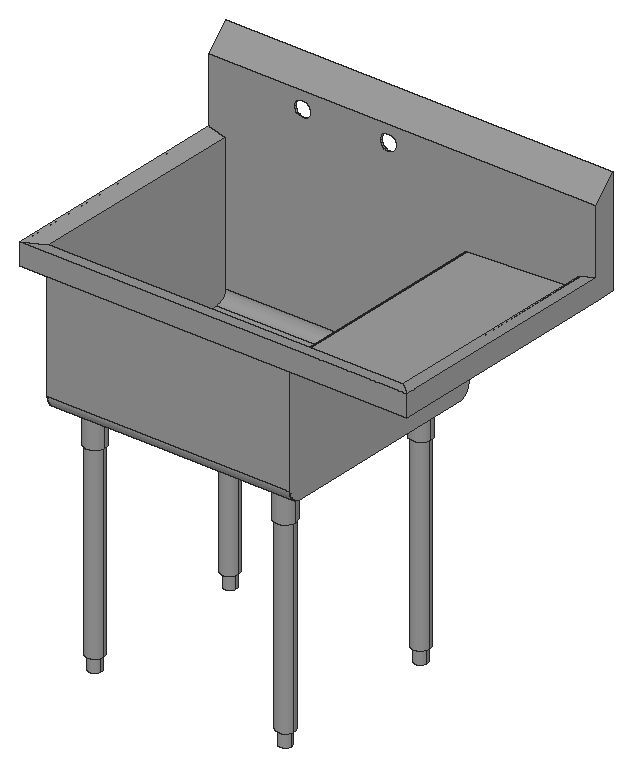
Revit family "equip-sink-elkay-Sturdibilt-S-DB-R", category Plumbing Fixtures, Revit 2019
Family settings
  Round Connector Dimension = Use Diameter
  Part Type = Normal
  Work Plane-Based = No
  Always vertical = Yes
  Cut with Voids When Loaded = No
  Shared = No
  Room Calculation Point = No
Parameters (values of type "ByType")
  Width = 2' - 0"
  URL = "http://www.elkayusa.com/cps/rde/xchg/elkay/hs.xsl/Default.aspx"
  Specification URL = "http://www.elkayusa.com/cps/rde/xbcr/elkay/04-02E_STURDIBILT_SCULLERY_SINGLE.pdf "
  Model Number = " "
  Model = "Sturdibilt"
  Manufacturer = "Elkay Manufacturer"
  Length = 3' - 0"
  Hidden Width = if(Compartment Width > 0' 11", Width, (Backsplash Width + Sink Rim Front Width + Compartment Width))  # 2' - 0"
  Sink Rim Side Right Width = 0' - 1 1/2"  # constant formula
  Sink Material = Metal - Steel - Stainless - Chrome
  Sink Rim Side Left Width = 0' - 1 1/2"  # constant formula
  Hidden Drainboard Right = if(Drainboard Right > 0' 2", Drainboard Right, 0' 2")  # 1' - 0"
  Hidden Compartment Width = Width - Sink Rim Front Width - Backsplash Width  # 1' - 8 1/2"
  Hidden Compartment Length = Length - Drainboard Right  # 2' - 0"
  Description = "Sturdibilt Single Compartment Scullery Sinks, Right Drainboard"
  Compartment Length = if(Hidden Compartment Length > 0' 8 1/2", Hidden Compartment Length, 0' 8 1/2")  # 2' - 0"
  Hidden Length = if(Compartment Length > 0' 8 1/2", Length, (Drainboard Right + Compartment Length))  # 3' - 0"
  Drainboard Right = 1' - 0"
  Sink Rim Front Width = 0' - 1 1/2"  # constant formula
  Backsplash Width = 0' - 2"  # constant formula
  Sink Drain Location = Compartment Width / 2  # 0' - 10 1/4"
  Compartment Depth = 1' - 2"
  Compartment Width = if(Hidden Compartment Width > 0' 11", Hidden Compartment Width, 0' 11")  # 1' - 8 1/2"
  Rim Height = 3' - 0"
  Hole 1 to 2 = 0' - 8"
  Hole 1 From CL = 0' - 4"
  Faucet CL from Top Backsplash = 0' - 3 1/2"
  Backsplash Height = 0' - 8"
Reference planes (in)
  plane 1 "CL Sink Hole": y = 0
  plane 2 "Bottom": z = 0
  plane 3 "Compartment Center": x = 0
  plane 4 "Basin Edge Left": x = -11.25
  plane 5 "Basin Edge Right": x = 11.25
  plane 6 "Basin Edge Back": y = 10.25
  plane 7 "Basin Edge Front": y = -10.25
  plane 8 "Left": x = -12.75
  plane 9 "Right": x = 23.25
  plane 10 "Back": y = 12.25
  plane 11 "Front": y = -11.75
  plane 12 "Sink Bowl Bottom (Top Face)": z = 22
  plane 13 "Sink Bowl Bottom (Bottom Face)": z = 21.875
  plane 14 "Sink Bottom Piece Back Edge": y = 9.25
  plane 15 "Sink Bottom Piece Front Edge": y = -9.25
  plane 16 "Center (Front/Back)": y = 0
  plane 17 "Sink Rim Top": z = 36
  plane 18 "Sink Bowl Bottom Radius Top Tangent": z = 23
  plane 19 "Sink Rim Inside Lower Edge": z = 35.59808
  plane 20: z = 44
  plane 21 "Backsplash Angle": z = 42
  plane 22 "Backsplash Side Piece Front": y = 10.375
  plane 23 "Backsplash Side Piece Top": z = 43.82322
  plane 24 "Backsplash Side Piece Angle": z = 41.94822
  plane 25 "Backsplash Side Piece Bottom": z = 34
  plane 26 "Backsplash Side Right Piece Inside Edge": x = 23.1875
  plane 27 "Backsplash Side Left Piece Inside Edge": x = -12.6875
  plane 28 "Basin Edge Right Outside Face": x = 11.3125
  plane 29 "Basin Edge Left Outside Face": x = -11.3125
  plane 30 "Faucet Hole CL Elev": z = 40.5
  plane 31 "CL Faucet Hole Left": x = -4
  plane 32 "CL Faucet Hole Right": x = 4
  plane 33 "Leg Left CL": x = -8.875
  plane 34 "Leg Front CL": y = -7.875
  plane 35: z = 18.825
  plane 36: z = 1.3125
  plane 37 "Leg Right CL": x = 8.875
  plane 38 "Leg Back CL": y = 7.875
  plane 39 "Sink Rim Inside Edge Right": x = 21.75
  plane 40 "Drainboard Lower Top Face": z = 34
  plane 41 "Drainboard Upper Top Face": z = 34.5
  plane 42 "Basin Edge Back Outside": y = 10.375
  plane 43 "Basin Edge Front Outside": y = -10.375
  plane 44 "Center (Left/Right)": x = 5.25
Forms (in)
  Sweep 1, solid, material "Metal - Steel - Stainless - Chrome" <- "Sink Material"
    path origin (0, 0, 36) x (0, -1, 0) y (1, 0, 0)
      loop
        line (11.75, 11.25) -> (11.75, -12.75) -> (-10.375, -12.75)
    profile "profile-weldbilt-rim : profile-weldbilt-rim" origin (-12.75, -0.6875, 36) x (-1, 0, 0) y (0, 0, 1)
      loop
        line (-1.5, -0.40192) -> (-1.41389, -0.45164) -> (-0.07031, -0.09163) -> (-0.07031, -1.94605) -> (-0.42259, -2.04044) -> (-0.42259, -2.11323) -> (0, -2) -> (0, 0) -> (-1.5, -0.40192)
  Extrusion 2, solid, material "Metal - Steel - Stainless - Chrome" <- "Sink Material"
    sketch origin (0, 0, 0) x (0, 1, 0) y (0, 0, 1)
      loop
        line (-10.375, 35.59808) -> (-10.375, 23)
        arc (-10.375, 23) -> (-10.0455, 22.2045) -> (-9.25, 21.875) r 1.125
        line (-9.25, 21.875) -> (9.25, 21.875)
        arc (9.25, 21.875) -> (10.0455, 22.2045) -> (10.375, 23) r 1.125
        line (10.375, 23) -> (10.375, 34) -> (10.25, 34) -> (10.25, 23)
        arc (10.25, 23) -> (9.95711, 22.29289) -> (9.25, 22) r 1
        line (9.25, 22) -> (-9.25, 22)
        arc (-9.25, 22) -> (-9.95711, 22.29289) -> (-10.25, 23) r 1
        line (-10.25, 23) -> (-10.25, 35.59808) -> (-10.375, 35.59808)
    from -11.25 to 11.25
  Extrusion 3, solid, material "Metal - Steel - Stainless - Chrome" <- "Sink Material"
    sketch origin (0, 0, 0) x (0, 1, 0) y (0, 0, 1)
      loop
        line (10.25, 42) -> (10.25, 34) -> (10.375, 34) -> (10.375, 41.94822) -> (12.25, 43.82322) -> (12.25, 44) -> (10.25, 42)
    from -12.75 to 23.25
  Extrusion 4, solid, material "Metal - Steel - Stainless - Chrome" <- "Sink Material"
    sketch origin (23.25, 0, 0) x (0, 1, 0) y (0, 0, 1)
      loop
        line (12.25, 43.82322) -> (10.375, 41.94822) -> (10.375, 34) -> (12.25, 34) -> (12.25, 43.82322)
    from -0.0625 to 0
  Extrusion 5, solid, material "Metal - Steel - Stainless - Chrome" <- "Sink Material"
    sketch origin (-18, 0, 0) x (0, 1, 0) y (0, 0, 1)
      loop
        line (12.25, 43.82322) -> (10.375, 41.94822) -> (10.375, 34) -> (12.25, 34) -> (12.25, 43.82322)
    from 5.25 to 5.3125
  Extrusion 6, solid, material "Metal - Steel - Stainless - Chrome" <- "Sink Material"
    sketch origin (11.25, 0, 0) x (0, 1, 0) y (0, 0, 1)
      loop
        line (-10.375, 34) -> (-10.375, 23)
        arc (-10.375, 23) -> (-10.0455, 22.2045) -> (-9.25, 21.875) r 1.125
        line (-9.25, 21.875) -> (9.25, 21.875)
        arc (9.25, 21.875) -> (10.0455, 22.2045) -> (10.375, 23) r 1.125
        line (10.375, 23) -> (10.375, 34) -> (-10.375, 34)
    from 0 to 0.0625
  Extrusion 7, solid, material "Metal - Steel - Stainless - Chrome" <- "Sink Material"
    sketch origin (-11.25, 0, 0) x (0, 1, 0) y (0, 0, 1)
      loop
        line (10.375, 35.59808) -> (-10.375, 35.59808) -> (-10.375, 23)
        arc (-10.375, 23) -> (-10.0455, 22.2045) -> (-9.25, 21.875) r 1.125
        line (-9.25, 21.875) -> (9.25, 21.875)
        arc (9.25, 21.875) -> (10.0455, 22.2045) -> (10.375, 23) r 1.125
        line (10.375, 23) -> (10.375, 35.59808)
    from -0.0625 to 0
  Extrusion 8, void
    sketch origin (0, 0, 0) x (1, 0, 0) y (0, 0, 1)
      loop
        circle (-4, 40.5) r 0.75
    from -10.375 to -10.25
  Extrusion 9, void
    sketch origin (0, 0, 0) x (1, 0, 0) y (0, 0, 1)
      loop
        circle (4, 40.5) r 0.75
    from -10.375 to -10.25
  Extrusion 10, void
    sketch origin (-45.27944, 78.60934, 0) x (1, 0, 0) y (0, 1, 0)
      loop
        circle (45.27944, -78.60934) r 2.375
    from 21.875 to 22
  Revolve 11, solid, material "Metal - Steel - Stainless - Chrome" <- "Sink Material"
    sketch origin (0, -7.875, 0) x (-1, 0, 0) y (0, 0, 1)
      loop
        line (9.6875, 18.825) -> (9.845, 18.825) -> (9.845, 21.875) -> (8.875, 21.875) -> (8.875, 0) -> (9.4375, 0) -> (9.4375, 1.3125) -> (9.6875, 1.3125) -> (9.6875, 18.825)
      axis (8.875, 21.875) -> (8.875, 0)
    angle from 0 to 360
  Revolve 12, solid, material "Metal - Steel - Stainless - Chrome" <- "Sink Material"
    sketch origin (0, -7.875, 0) x (-1, 0, 0) y (0, 0, 1)
      loop
        line (-9.6875, 18.825) -> (-9.6875, 1.3125) -> (-9.4375, 1.3125) -> (-9.4375, 0) -> (-8.875, 0) -> (-8.875, 21.875) -> (-9.845, 21.875) -> (-9.845, 18.825) -> (-9.6875, 18.825)
      axis (-8.875, 21.875) -> (-8.875, 0)
    angle from 0 to 360
  Revolve 13, solid, material "Metal - Steel - Stainless - Chrome" <- "Sink Material"
    sketch origin (0, 7.875, 0) x (-1, 0, 0) y (0, 0, 1)
      loop
        line (-9.6875, 18.825) -> (-9.6875, 1.3125) -> (-9.4375, 1.3125) -> (-9.4375, 0) -> (-8.875, 0) -> (-8.875, 21.875) -> (-9.845, 21.875) -> (-9.845, 18.825) -> (-9.6875, 18.825)
      axis (-8.875, 21.875) -> (-8.875, 0)
    angle from 0 to 360
  Revolve 14, solid, material "Metal - Steel - Stainless - Chrome" <- "Sink Material"
    sketch origin (0, 7.875, 0) x (-1, 0, 0) y (0, 0, 1)
      loop
        line (8.0625, 18.825) -> (8.0625, 1.3125) -> (8.3125, 1.3125) -> (8.3125, 0) -> (8.875, 0) -> (8.875, 21.875) -> (7.905, 21.875) -> (7.905, 18.825) -> (8.0625, 18.825)
      axis (8.875, 21.875) -> (8.875, 0)
    angle from 0 to 360
  Sweep 15, solid, material "Metal - Steel - Stainless - Chrome" <- "Sink Material"
    path origin (0, 0, 22) x (-1, 0, 0) y (0, -1, 0)
      loop
        circle (0, 0) r 2.375
    profile "profile-elkay-sink-hole-1 : profile-elkay-sink-hole-1" origin (0, -2.375, 22) x (0, 1, 0) y (0, 0, 1)
      loop
        arc (0.10775, -0.05529) -> (0.06053, -0.01467) -> (0, 0) r 0.133
        line (0, 0) -> (0, -0.07422)
        arc (0, -0.07422) -> (0.0267, -0.08072) -> (0.04752, -0.09865) r 0.05878
        line (0.04752, -0.09865) -> (0.12152, -0.20143) -> (0.5715, -0.40832) -> (0.5715, -0.32577) -> (0.16939, -0.14089) -> (0.10775, -0.05529)
  Extrusion 16, solid, material "Metal - Steel - Stainless - Chrome" <- "Sink Material"
    sketch origin (0, 0, 0) x (1, 0, 0) y (0, 0, 1)
      loop
        line (11.25, 34) -> (11.25, 33.9257) -> (21.75, 34.4257) -> (21.75, 34.5) -> (11.25, 34)
    from -10.25 to 10.25
  Sweep 17, solid, material "Metal - Steel - Stainless - Chrome" <- "Sink Material"
    path origin (0, 0, 36) x (0, -1, 0) y (1, 0, 0)
      loop
        line (11.75, 11.25) -> (11.75, 23.25) -> (-10.25, 23.25)
    profile "profile-weldbilt-rim-db : profile-weldbilt-rim-db" origin (17.25, -11.75, 36) x (0, 1, 0) y (0, 0, 1)
      loop
        line (1.5, -0.40192) -> (0, 0) -> (0, -2) -> (0.42259, -2.11323) -> (0.42259, -2.04044) -> (0.07031, -1.94605) -> (0.07031, -0.09163) -> (1.4375, -0.45797) -> (1.4375, -2) -> (1.5, -2) -> (1.5, -0.40192)
Cuts and joins
  Extrusion 10 cuts Extrusion 2
  Extrusion 8, Extrusion 9 cuts Extrusion 3
  Extrusion 10 cuts Extrusion 6
  joined: Sweep 1, Extrusion 2, Extrusion 3, Extrusion 4, Extrusion 5, Extrusion 6, Extrusion 7, Sweep 15, Sweep 17
Lines and regions (in)
  Masking region 1
    outline origin (0, 0, 0) x (1, 0, 0) y (0, 1, 0)
      loop
        line (-12.75, 12.25) -> (-12.75, -11.75) -> (23.25, -11.75) -> (23.25, 12.25) -> (-12.75, 12.25)
  reference lines
    curve 1: arc (0, -9.25, 22) -> (0, -9.95711, 22.29289) -> (0, -10.25, 23) r 1
    curve 2: arc (0, 10.25, 23) -> (0, 9.95711, 22.29289) -> (0, 9.25, 22) r 1
    curve 3: line (-8.875, -7.875, 21.875) -> (-8.875, -7.875, 0)
    curve 4: line (8.875, -7.875, 22) -> (8.875, -7.875, 0)
    curve 5: line (8.875, 7.875, 21.875) -> (8.875, 7.875, 0)
    curve 6: line (-8.875, 7.875, 21.875) -> (-8.875, 7.875, 0)
    curve 15: line (11.25, 0, 34) -> (21.75, 0, 34.5)
    curve 16: line (11.25165, 0, 33.92578) -> (21.75165, 0, 34.42578)
    curve 18: arc (0, -10.375, 23) -> (0, -10.0455, 22.2045) -> (0, -9.25, 21.875) r 1.125
    curve 19: arc (0, 10.375, 23) -> (0, 10.0455, 22.2045) -> (0, 9.25, 21.875) r 1.125
  symbolic lines
    curve 7: line (-12.75, 10.25, 0) -> (23.25, 10.25, 0)
    curve 8: line (-11.25, -10.25, 0) -> (-11.25, 10.25, 0)
    curve 9: line (21.75, -10.25, 0) -> (-11.25, -10.25, 0)
    curve 10: line (11.25, 10.25, 0) -> (11.25, -10.25, 0)
    curve 11: circle (0, 0, 0) r 2.375 normal (0, 0, 1)
    curve 12: line (-11.25, -10.25, 0) -> (-12.75, -11.75, 0)
    curve 13: line (23.25, -11.75, 0) -> (21.75, -10.25, 0)
    curve 14: circle (0, 0, 0) r 1.75 normal (0, 0, 1)
    curve 17: line (21.75, -10.25, 0) -> (21.75, 10.25, 0)
Dimensions and locks (in)
  equal spacing: plane 4 "Basin Edge Left", plane 3 "Compartment Center", plane 5 "Basin Edge Right"
  "Sink Rim Side Left Width": plane 8 "Left" to plane 4 "Basin Edge Left"
  "Hidden Drainboard Right": plane 5 "Basin Edge Right" to plane 9 "Right"
  "Hidden Length": plane 8 "Left" to plane 9 "Right"
  "Sink Drain Location": plane 6 "Basin Edge Back" to plane 1 "CL Sink Hole"
  "Backsplash Width": plane 10 "Back" to plane 6 "Basin Edge Back"
  "Sink Rim Front Width": plane 7 "Basin Edge Front" to plane 11 "Front"
  "Hidden Width": plane 10 "Back" to plane 11 "Front"
  locked: plane 15 "Sink Bottom Piece Front Edge" to plane 7 "Basin Edge Front" at 1
  locked: plane 6 "Basin Edge Back" to plane 14 "Sink Bottom Piece Back Edge" at 1
  plane 6 "Basin Edge Back" to plane 7 "Basin Edge Front" = 1' - 8 1/2"
  equal spacing: plane 6 "Basin Edge Back", plane 16 "Center (Front/Back)", plane 7 "Basin Edge Front"
  "Compartment Depth": plane 17 "Sink Rim Top" to plane 12 "Sink Bowl Bottom (Top Face)"
  "Rim Height": plane 17 "Sink Rim Top" to plane 2 "Bottom"
  locked: plane 18 "Sink Bowl Bottom Radius Top Tangent" to plane 12 "Sink Bowl Bottom (Top Face)" at 1
  locked: plane 17 "Sink Rim Top" to plane 19 "Sink Rim Inside Lower Edge" at 0.40192
  "Backsplash Height": plane 20 to plane 17 "Sink Rim Top"
  locked: plane 20 to plane 21 "Backsplash Angle" at 2
  locked: plane 20 to plane 23 "Backsplash Side Piece Top" at 0.17678
  locked: plane 6 "Basin Edge Back" to plane 22 "Backsplash Side Piece Front" at 0.125
  locked: plane 21 "Backsplash Angle" to plane 24 "Backsplash Side Piece Angle" at 0.05178
  locked: plane 26 "Backsplash Side Right Piece Inside Edge" to plane 9 "Right" at 0.0625
  locked: plane 8 "Left" to plane 27 "Backsplash Side Left Piece Inside Edge" at 0.0625
  locked: plane 5 "Basin Edge Right" to plane 28 "Basin Edge Right Outside Face" at 0.0625
  plane 29 "Basin Edge Left Outside Face" to plane 4 "Basin Edge Left" = 0' - 0 1/16"
  locked: plane 17 "Sink Rim Top" to plane 25 "Backsplash Side Piece Bottom" at 2
  locked: plane 34 "Leg Front CL" to plane 7 "Basin Edge Front" at 2.375
  locked: plane 4 "Basin Edge Left" to plane 33 "Leg Left CL" at 2.375
  "Hole 1 From CL": plane 31 "CL Faucet Hole Left" to plane 3 "Compartment Center"
  "Hole 1 to 2": plane 31 "CL Faucet Hole Left" to plane 32 "CL Faucet Hole Right"
  locked: plane 12 "Sink Bowl Bottom (Top Face)" to plane 13 "Sink Bowl Bottom (Bottom Face)" at 0.125
  locked: plane 12 "Sink Bowl Bottom (Top Face)" to plane 35 at 3.175
  locked: plane 36 to plane 2 "Bottom" at 1.3125
  "Faucet CL from Top Backsplash": plane 20 to plane 30 "Faucet Hole CL Elev"
  locked: plane 37 "Leg Right CL" to plane 5 "Basin Edge Right" at 2.375
  locked: plane 6 "Basin Edge Back" to plane 38 "Leg Back CL" at 2.375
  "Sink Rim Side Right Width": plane 39 "Sink Rim Inside Edge Right" to plane 9 "Right"
  locked: plane 17 "Sink Rim Top" to plane 41 "Drainboard Upper Top Face" at 1.5
  locked: plane 17 "Sink Rim Top" to plane 40 "Drainboard Lower Top Face" at 2
  locked: plane 6 "Basin Edge Back" to plane 42 "Basin Edge Back Outside" at 0.125
  locked: plane 43 "Basin Edge Front Outside" to plane 7 "Basin Edge Front" at 0.125
  equal spacing: plane 8 "Left", plane 44 "Center (Left/Right)", plane 9 "Right"
  locked: plane 10 "Back" to nested 1 at 1
  locked: nested 1 to plane 9 "Right" at 4
  aligned and locked: Extrusion 2 sketch curve to plane 6 "Basin Edge Back"
  aligned and locked: Extrusion 2 sketch curve to curve 2
  aligned and locked: Extrusion 2 sketch curve to curve 1
  aligned and locked: plane 5 "Basin Edge Right" to Extrusion 2
  aligned and locked: Extrusion 2 to plane 4 "Basin Edge Left"
  aligned and locked: Extrusion 2 sketch curve to plane 19 "Sink Rim Inside Lower Edge"
  aligned and locked: Extrusion 3 sketch curve to plane 10 "Back"
  aligned and locked: Extrusion 3 sketch curve to plane 6 "Basin Edge Back"
  aligned and locked: plane 9 "Right" to Extrusion 3
  aligned and locked: Extrusion 3 to plane 8 "Left"
  aligned and locked: plane 10 "Back" to Extrusion 4 sketch curve
  aligned and locked: Extrusion 4 sketch curve to plane 25 "Backsplash Side Piece Bottom"
  aligned and locked: Extrusion 4 sketch curve to plane 22 "Backsplash Side Piece Front"
  aligned and locked: Extrusion 4 to plane 26 "Backsplash Side Right Piece Inside Edge"
  aligned and locked: plane 9 "Right" to Extrusion 4
  aligned and locked: plane 22 "Backsplash Side Piece Front" to Sweep 1 sketch curve
  aligned and locked: Extrusion 5 sketch curve to plane 10 "Back"
  aligned and locked: plane 22 "Backsplash Side Piece Front" to Extrusion 5 sketch curve
  aligned and locked: plane 25 "Backsplash Side Piece Bottom" to Extrusion 5 sketch curve
  aligned and locked: plane 27 "Backsplash Side Left Piece Inside Edge" to Extrusion 5
  aligned and locked: Extrusion 5 to plane 8 "Left"
  aligned and locked: Extrusion 6 to plane 5 "Basin Edge Right"
  aligned and locked: plane 28 "Basin Edge Right Outside Face" to Extrusion 6
  aligned and locked: Extrusion 7 sketch curve to plane 19 "Sink Rim Inside Lower Edge"
  aligned and locked: Extrusion 7 to plane 29 "Basin Edge Left Outside Face"
  aligned and locked: plane 4 "Basin Edge Left" to Extrusion 7
  aligned and locked: plane 22 "Backsplash Side Piece Front" to Extrusion 9
  aligned and locked: Extrusion 9 to plane 6 "Basin Edge Back"
  aligned and locked: plane 22 "Backsplash Side Piece Front" to Extrusion 8
  aligned: Extrusion 8 to plane 14 "Sink Bottom Piece Back Edge"
  aligned and locked: Extrusion 8 to plane 6 "Basin Edge Back"
  aligned and locked: plane 12 "Sink Bowl Bottom (Top Face)" to Extrusion 10
  aligned and locked: Extrusion 10 to plane 13 "Sink Bowl Bottom (Bottom Face)"
  aligned and locked: Revolve 11 sketch curve to plane 13 "Sink Bowl Bottom (Bottom Face)"
  aligned and locked: Revolve 11 sketch curve to curve 3
  aligned and locked: curve 4 to plane 37 "Leg Right CL"
  aligned and locked: plane 12 "Sink Bowl Bottom (Top Face)" to curve 4
  aligned and locked: plane 2 "Bottom" to curve 4
  aligned and locked: Revolve 12 sketch curve to plane 36
  aligned and locked: Revolve 12 sketch curve to plane 35
  aligned and locked: plane 2 "Bottom" to Revolve 12 sketch curve  (x3)
  aligned and locked: plane 13 "Sink Bowl Bottom (Bottom Face)" to Revolve 12 sketch curve  (x2)
  aligned and locked: curve 4 to Revolve 12 sketch curve  (x2)
  aligned and locked: Revolve 13 sketch curve to plane 2 "Bottom"
  aligned and locked: plane 36 to Revolve 13 sketch curve
  aligned and locked: plane 35 to Revolve 13 sketch curve
  aligned and locked: Revolve 13 sketch curve to plane 13 "Sink Bowl Bottom (Bottom Face)"
  aligned and locked: plane 37 "Leg Right CL" to Revolve 13 sketch curve
  aligned and locked: Revolve 13 sketch curve to curve 5
  aligned and locked: Revolve 14 sketch curve to plane 2 "Bottom"
  aligned and locked: plane 36 to Revolve 14 sketch curve
  aligned and locked: plane 35 to Revolve 14 sketch curve
  aligned and locked: Revolve 14 sketch curve to plane 13 "Sink Bowl Bottom (Bottom Face)"
  aligned and locked: plane 33 "Leg Left CL" to Revolve 14 sketch curve
  aligned and locked: plane 2 "Bottom" to Revolve 14 sketch curve
  aligned and locked: Revolve 14 sketch curve to plane 33 "Leg Left CL"
  aligned and locked: Masking region 1 sketch curve to plane 10 "Back"
  aligned and locked: plane 8 "Left" to Masking region 1 sketch curve
  aligned and locked: Masking region 1 sketch curve to plane 9 "Right"
  aligned and locked: plane 11 "Front" to Masking region 1 sketch curve
  aligned and locked: cut or joined group of Sweep 1, Extrusion 2, Extrusion 3, Extrusion 4, Extrusion 5, Extrusion 6, Extrusion 7, Extrusion 8, Extrusion 9, Extrusion 10, Sweep 15, Sweep 17 to plane 5 "Basin Edge Right"
  aligned and locked: plane 7 "Basin Edge Front" to curve 9
  aligned and locked: plane 4 "Basin Edge Left" to curve 8
  aligned and locked: curve 7 to plane 6 "Basin Edge Back"
  aligned and locked: plane 8 "Left" to curve 7
  aligned and locked: plane 9 "Right" to curve 7
  aligned and locked: Extrusion 6 sketch curve to plane 40 "Drainboard Lower Top Face"
  aligned and locked: Extrusion 16 sketch curve to curve 15
  aligned and locked: plane 5 "Basin Edge Right" to Extrusion 16 sketch curve
  aligned and locked: Extrusion 16 sketch curve to plane 39 "Sink Rim Inside Edge Right"
  aligned and locked: Extrusion 16 sketch curve to curve 16
  aligned and locked: plane 6 "Basin Edge Back" to Extrusion 16
  aligned and locked: Extrusion 16 to plane 7 "Basin Edge Front"
  aligned and locked: Extrusion 2 sketch curve to plane 40 "Drainboard Lower Top Face"
  aligned and locked: Extrusion 3 sketch curve to plane 40 "Drainboard Lower Top Face"
  aligned and locked: plane 5 "Basin Edge Right" to Sweep 1 sketch curve
  aligned and locked: Sweep 17 sketch curve to plane 11 "Front"
  aligned and locked: plane 9 "Right" to Sweep 17 sketch curve
  aligned and locked: plane 5 "Basin Edge Right" to Sweep 17 sketch curve
  aligned and locked: plane 6 "Basin Edge Back" to Sweep 17 sketch curve
  aligned and locked: Extrusion 6 sketch curve to plane 43 "Basin Edge Front Outside"
  aligned and locked: Extrusion 6 sketch curve to curve 19
  aligned and locked: Extrusion 6 sketch curve to curve 18
  aligned and locked: Extrusion 7 sketch curve to plane 43 "Basin Edge Front Outside"
  aligned and locked: Extrusion 7 sketch curve to curve 18
  aligned and locked: Extrusion 7 sketch curve to curve 19
Automatic sketch dimensions
  Extrusion 2 sketch curve to Extrusion 2 sketch curve = 0' - 0"  (x4)
  Extrusion 2 sketch curve to plane 22 "Backsplash Side Piece Front" = 0' - 0"
  Extrusion 3 sketch curve to plane 22 "Backsplash Side Piece Front" = 0' - 0"
  Extrusion 3 sketch curve to plane 24 "Backsplash Side Piece Angle" = 0' - 0"
  Extrusion 3 sketch curve to plane 21 "Backsplash Angle" = 0' - 0"
  Extrusion 3 sketch curve to plane 23 "Backsplash Side Piece Top" = 0' - 0"
  Extrusion 3 sketch curve to plane 20 = 0' - 0"
  Extrusion 4 sketch curve to plane 24 "Backsplash Side Piece Angle" = 0' - 0"
  Extrusion 4 sketch curve to plane 23 "Backsplash Side Piece Top" = 0' - 0"
  Extrusion 5 sketch curve to plane 24 "Backsplash Side Piece Angle" = 0' - 0"
  Extrusion 5 sketch curve to plane 23 "Backsplash Side Piece Top" = 0' - 0"
  Extrusion 8 sketch curve to plane 30 "Faucet Hole CL Elev" = 0' - 0"
  Extrusion 8 sketch curve to plane 31 "CL Faucet Hole Left" = 0' - 0"
  Extrusion 9 sketch curve to plane 30 "Faucet Hole CL Elev" = 0' - 0"
  Extrusion 9 sketch curve to plane 32 "CL Faucet Hole Right" = 0' - 0"
  Extrusion 10 sketch curve to plane 1 "CL Sink Hole" = 0' - 0"
  plane 3 "Compartment Center" to Extrusion 10 sketch curve = 0' - 0"
  curve 3 to level = 0' - 0"
  curve 3 to plane 33 "Leg Left CL" = 0' - 0"
  curve 3 to plane 13 "Sink Bowl Bottom (Bottom Face)" = 0' - 0"
  Revolve 11 sketch curve to plane 33 "Leg Left CL" = 0' - 0"
  Revolve 11 sketch curve to level = 0' - 0"  (x2)
  Revolve 11 sketch curve to plane 36 = 0' - 0"
  Revolve 11 sketch curve to plane 35 = 0' - 0"
  Revolve 11 sketch curve to plane 13 "Sink Bowl Bottom (Bottom Face)" = 0' - 0"
  Revolve 11 sketch curve to Revolve 11 sketch curve = 0' - 0 9/16"
  Revolve 11 sketch curve to Revolve 11 sketch curve = 0' - 0 1/4"
  Revolve 11 sketch curve to Revolve 11 sketch curve = 0' - 0.1575"
  plane 37 "Leg Right CL" to Revolve 12 sketch curve = 0' - 0 9/16"
  plane 37 "Leg Right CL" to Revolve 12 sketch curve = 0' - 0 13/16"
  Revolve 12 sketch curve to Revolve 12 sketch curve = 0' - 0.1575"
  curve 5 to level = 0' - 0"
  curve 5 to plane 37 "Leg Right CL" = 0' - 0"
  curve 5 to plane 13 "Sink Bowl Bottom (Bottom Face)" = 0' - 0"
  Revolve 13 sketch curve to level = 0' - 0"
  Revolve 13 sketch curve to plane 13 "Sink Bowl Bottom (Bottom Face)" = 0' - 0"
  plane 37 "Leg Right CL" to Revolve 13 sketch curve = 0' - 0 9/16"
  Revolve 13 sketch curve to Revolve 13 sketch curve = 0' - 0 1/4"
  Revolve 13 sketch curve to Revolve 13 sketch curve = 0' - 0.97"
  Revolve 14 sketch curve to plane 13 "Sink Bowl Bottom (Bottom Face)" = 0' - 0"
  plane 33 "Leg Left CL" to Revolve 14 sketch curve = 0' - 0 9/16"
  Revolve 14 sketch curve to Revolve 14 sketch curve = 0' - 0 1/4"
  Revolve 14 sketch curve to Revolve 14 sketch curve = 0' - 0.97"
  curve 6 to level = 0' - 0"
  curve 6 to plane 33 "Leg Left CL" = 0' - 0"
  curve 6 to plane 13 "Sink Bowl Bottom (Bottom Face)" = 0' - 0"
  plane 1 "CL Sink Hole" to Sweep 15 sketch curve = 0' - 0"
  Sweep 15 sketch curve to plane 3 "Compartment Center" = 0' - 0"
  curve 15 to plane 39 "Sink Rim Inside Edge Right" = 0' - 0"
  curve 15 to plane 5 "Basin Edge Right" = 0' - 0"
  curve 15 to plane 25 "Backsplash Side Piece Bottom" = 0' - 0"
  curve 15 to plane 41 "Drainboard Upper Top Face" = 0' - 0"
  plane 39 "Sink Rim Inside Edge Right" to curve 16 = 0' - 0.00165"
  plane 5 "Basin Edge Right" to curve 16 = 0' - 0.00165"
  Sweep 1 sketch curve to plane 8 "Left" = 0' - 0"
  Sweep 1 sketch curve to plane 11 "Front" = 0' - 0"
  curve 11 to curve 14 = 0' - 0"  (x2)
  curve 12 to plane 8 "Left" = 0' - 0"
  plane 1 "CL Sink Hole" to curve 14 = 0' - 0"
  curve 14 to plane 3 "Compartment Center" = 0' - 0"
  curve 10 to plane 5 "Basin Edge Right" = 0' - 0"
  curve 17 to plane 39 "Sink Rim Inside Edge Right" = 0' - 0"
  curve 13 to plane 9 "Right" = 0' - 0"
  curve 13 to plane 11 "Front" = 0' - 0"
  curve 12 to plane 11 "Front" = 0' - 0"
  curve 1 to curve 18 = 0' - 0"  (x2)
  curve 2 to curve 19 = 0' - 0"  (x2)
  curve 18 to plane 18 "Sink Bowl Bottom Radius Top Tangent" = 0' - 0"
  curve 18 to plane 43 "Basin Edge Front Outside" = 0' - 0"
  curve 1 to plane 7 "Basin Edge Front" = 0' - 0"
  curve 18 to plane 13 "Sink Bowl Bottom (Bottom Face)" = 0' - 0"
  curve 19 to plane 13 "Sink Bowl Bottom (Bottom Face)" = 0' - 0"
  curve 19 to plane 14 "Sink Bottom Piece Back Edge" = 0' - 0"
  curve 2 to plane 6 "Basin Edge Back" = 0' - 0"
  curve 19 to plane 18 "Sink Bowl Bottom Radius Top Tangent" = 0' - 0"
  curve 16 to plane 25 "Backsplash Side Piece Bottom" = 0' - 0 19/256"
  curve 16 to plane 41 "Drainboard Upper Top Face" = 0' - 0 19/256"
  radius of Extrusion 8 sketch curve = 0' - 0 3/4"
  radius of Extrusion 9 sketch curve = 0' - 0 3/4"
  radius of Extrusion 10 sketch curve = 0' - 2 3/8"
  radius of Sweep 15 sketch curve = 0' - 2 3/8"
  radius of curve 11 = 0' - 2 3/8"
  radius of curve 14 = 0' - 1 3/4"
Nested families (in)
  nested 1: "logo-elkay-detail" at (19.25, 11.25, 0), type "logo-elkay-detail"
Definition of nested family "logo-elkay-detail"
  Reference planes (in)
    plane 1 "Center (Front/Back)": y = 0
    plane 2: z = 0
    plane 3 "Center (Left/Right)": x = 0
  Lines and regions (in)
    detail lines, in view "Ref. Level"
      curve 1: line (-1.81545, 0.37736, 0) -> (-2.86608, 0.37736, 0)
      curve 2: line (-2.86608, 0.37736, 0) -> (-2.99916, -0.37736, 0)
      curve 3: line (-2.99916, -0.37736, 0) -> (-1.89769, -0.37736, 0)
      curve 4: line (-1.89769, -0.37736, 0) -> (-1.87836, -0.26772, 0)
      curve 5: line (-1.87836, -0.26772, 0) -> (-2.75664, -0.26772, 0)
      curve 6: line (-2.75664, -0.26772, 0) -> (-2.71915, -0.05507, 0)
      curve 7: line (-2.71915, -0.05507, 0) -> (-1.94254, -0.05507, 0)
      curve 8: line (-1.94254, -0.05507, 0) -> (-1.92312, 0.05507, 0)
      curve 9: line (-1.92312, 0.05507, 0) -> (-2.71407, 0.05507, 0)
      curve 10: line (-2.71407, 0.05507, 0) -> (-2.67657, 0.26772, 0)
      curve 11: line (-2.67657, 0.26772, 0) -> (-1.83479, 0.26772, 0)
      curve 12: line (-1.83479, 0.26772, 0) -> (-1.81545, 0.37736, 0)
      curve 13: line (-1.55864, -0.26772, 0) -> (-1.44489, 0.37736, 0)
      curve 14: line (-1.44489, 0.37736, 0) -> (-1.65384, 0.37736, 0)
      curve 15: line (-1.65384, 0.37736, 0) -> (-1.78692, -0.37736, 0)
      curve 16: line (-1.78692, -0.37736, 0) -> (-0.81843, -0.37736, 0)
      curve 17: line (-0.81843, -0.37736, 0) -> (-0.7991, -0.26772, 0)
      curve 18: line (-0.7991, -0.26772, 0) -> (-1.55864, -0.26772, 0)
      curve 19: line (-0.70839, -0.37736, 0) -> (-0.57531, 0.37736, 0)
      curve 20: line (-0.57531, 0.37736, 0) -> (-0.36636, 0.37736, 0)
      curve 21: line (-0.36636, 0.37736, 0) -> (-0.44053, -0.04327, 0)
      curve 22: line (-0.44053, -0.04327, 0) -> (0.30095, 0.37736, 0)
      curve 23: line (0.30095, 0.37736, 0) -> (0.59826, 0.37736, 0)
      curve 24: line (0.59826, 0.37736, 0) -> (0.025, 0.05216, 0)
      curve 25: line (0.025, 0.05216, 0) -> (0.49251, -0.37736, 0)
      curve 26: line (0.49251, -0.37736, 0) -> (0.1672, -0.37736, 0)
      curve 27: line (0.1672, -0.37736, 0) -> (-0.17613, -0.06193, 0)
      curve 28: line (-0.17613, -0.06193, 0) -> (-0.47357, -0.23067, 0)
      curve 29: line (-0.47357, -0.23067, 0) -> (-0.49944, -0.37736, 0)
      curve 30: line (-0.49944, -0.37736, 0) -> (-0.70839, -0.37736, 0)
      curve 31: line (1.55597, -0.12503, 0) -> (1.3377, 0.32386, 0)
      curve 32: line (1.3377, 0.32386, 0) -> (0.94493, -0.12503, 0)
      curve 33: line (0.94493, -0.12503, 0) -> (1.55597, -0.12503, 0)
      curve 34: line (1.55608, 0.37736, 0) -> (1.92307, -0.37736, 0)
      curve 35: line (1.92307, -0.37736, 0) -> (1.67867, -0.37736, 0)
      curve 36: line (1.67867, -0.37736, 0) -> (1.60734, -0.23067, 0)
      curve 37: line (1.60734, -0.23067, 0) -> (0.8525, -0.23067, 0)
      curve 38: line (0.8525, -0.23067, 0) -> (0.72414, -0.37736, 0)
      curve 39: line (0.72414, -0.37736, 0) -> (0.52921, -0.37736, 0)
      curve 40: line (0.52921, -0.37736, 0) -> (1.1896, 0.37736, 0)
      curve 41: line (1.1896, 0.37736, 0) -> (1.55608, 0.37736, 0)
      curve 42: line (1.98079, 0.37736, 0) -> (2.29994, 0.03841, 0)
      curve 43: line (2.29994, 0.03841, 0) -> (2.75395, 0.37736, 0)
      curve 44: line (2.75395, 0.37736, 0) -> (2.99916, 0.37736, 0)
      curve 45: line (2.99916, 0.37736, 0) -> (2.38123, -0.08397, 0)
      curve 46: line (2.38123, -0.08397, 0) -> (2.3295, -0.37736, 0)
      curve 47: line (2.3295, -0.37736, 0) -> (2.10632, -0.37736, 0)
      curve 48: line (2.10632, -0.37736, 0) -> (2.15092, -0.12442, 0)
      curve 49: line (2.15092, -0.12442, 0) -> (1.67845, 0.37736, 0)
      curve 50: line (1.67845, 0.37736, 0) -> (1.98079, 0.37736, 0)
